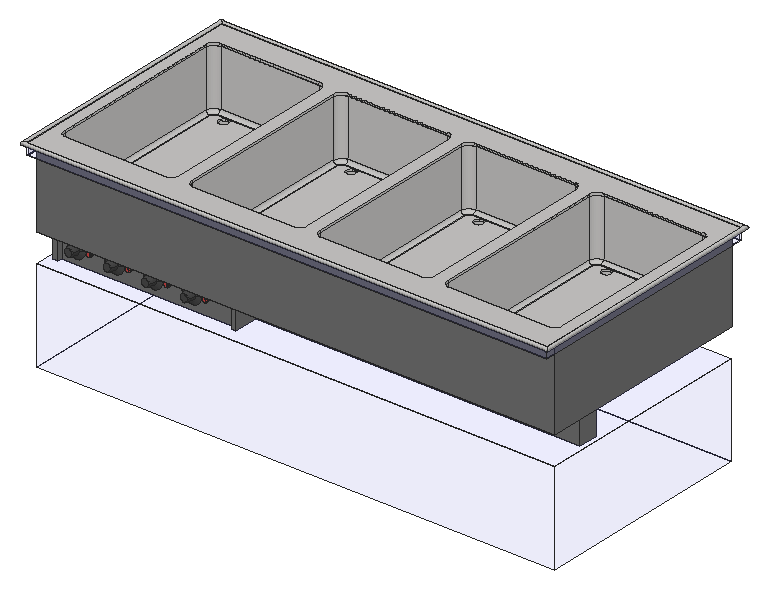
Revit family "QF_Vollrath_3640650_cat", category Specialty Equipment, Revit 2016
Family settings
  Part Type = Normal
  Round Connector Dimension = Use Diameter
  OmniClass Number = 23.40.40.14.14
  OmniClass Title = Food Preparation Equipment
  Work Plane-Based = No
  Always vertical = Yes
  Cut with Voids When Loaded = No
  Shared = No
  Room Calculation Point = No
Parameters (values of type "Requires Type Catalog QF_Vollrath_3640650_cat.txt")
  Width = 4' - 6 3/4"
  Weight in Pounds = 0
  Watts = 0 W
  Watermarked By = "http://revitwatermark.com"
  Waste Water Discharge Temperature [instance] = -459.67 °F
  Volts = 0 V
  URL Cutsheet = ""
  URL = "www.vollrathco.com"
  Status [instance] = ""
  Specification by User [instance] = ""
  Specification by Manufacturer [instance] = ""
  Serial Number [instance] = ""
  Seismic Rating [instance] = ""
  Revision Code [instance] = ""
  Remote Control Box [instance] = no
  Plumbing Remarks [instance] = ""
  Plumbing Connection Type [instance] = "MANIFOLD DRAIN"
  Phase = 1
  Number of Poles = 1
  NAFEM Spec ID Number [instance] = ""
  Mounted Control Box [instance] = not(Remote Control Box)  # yes
  Model = "-"
  Masterspec [instance] = ""
  Manufacturer = "Vollrath"
  Item Number [instance] = "-"
  Installed By [instance] = ""
  Indirect Waste Size = 1"
  Indirect Waste Flow [instance] = 0.00 GPM
  Indirect Waste Connection Type [instance] = ""
  Indirect Waste Connection Height [instance] = Height AFF - 1' 0 3/16"  # 1' - 11 13/16"
  Height AFF [instance] = 3' - 0"
  Furnished By [instance] = ""
  Foodservice Equipment Identifier [instance] = yes
  FL Amps = 0 A
  Electrical Remarks [instance] = ""
  Electric Connection Type [instance] = ""
  Elec Conn RI Height [instance] = 0' - 0"
  Elec Conn Connection Height [instance] = Height AFF - 0' 10"  # 2' - 2"
  Description = "Drop-In, Four Well Hot"
  Depth = 2' - 2"
  Cycle = 60 Hz
  Conn Plug = "-"
  CSI MasterFormat = "11 42 00"
  Auto Fill = no
  Assembly Code = "E1090320"
  Apparent Power = if(Phase = 3, Volts * FL Amps * 1.73, Volts * FL Amps)  # 0 VA
  AF Watts = 16 W
  AF Waste Water Discharge Temperature [instance] = -459.67 °F
  AF Volts = 120 V
  AF Plumbing Remarks [instance] = ""
  AF Plumbing Connection Type [instance] = ""
  AF Phase = 1
  AF Number of Poles [instance] = 1
  AF Item Number [instance] = "-"
  AF Indirect Waste Size = 3/8"
  AF Indirect Waste Flow [instance] = 0.00 GPM
  AF Indirect Waste Connection Type [instance] = ""
  AF Indirect Waste Connection Height [instance] = Height AFF - 0' 1 1/2"  # 2' - 10 1/2"
  AF FL Amps = 0.2 A
  AF Electrical Remarks [instance] = ""
  AF Electric Connection Type [instance] = ""
  AF Elec Conn RI Height [instance] = 0' - 0"
  AF Elec Conn Connection Height [instance] = Height AFF - 0' 5"  # 2' - 7"
  AF Cycle = 60 Hz
  AF Conn Plug = "NEMA 5-15R"
  AF Cold Water Temperature Recommended [instance] = -459.67 °F
  AF Cold Water Size = 3/8"
  AF Cold Water RI Height [instance] = 0' - 0"
  AF Cold Water Minimum Pressure [instance] = 0.00 psi
  AF Cold Water Maximum Pressure [instance] = 0.00 psi
  AF Cold Water Flow [instance] = 0.00 GPM
  AF Cold Water Consumption [instance] = ""
  AF Cold Water Connection Height [instance] = Height AFF - 0' 7"  # 2' - 5"
  AF Apparent Power = AF Volts * AF FL Amps  # 24 VA
Reference planes (in)
  plane 1 "BACK": y = 0
  plane 2: z = 0
  plane 3 "LEFT": x = -15.489587
  plane 4 "RIGHT": x = 39.260413
  plane 5 "FRONT": y = -26
  plane 6 "Table Top": z = 36
  plane 7 "TOP": z = 36.375
  plane 8: y = -3
  plane 9: y = -23
  plane 10: x = -13.989587
  plane 11: x = -1.989587
  plane 12 "Bottom of Well": z = 29.625
  plane 13 "Bottom of Well Cover": z = 27.5
  plane 14: y = -1.5
  plane 15: y = -24.5
  plane 16 "Left Lower": x = -14.989587
  plane 17: x = 38.760413
  plane 18 "Standard Drain": z = 23.75
  plane 19 "Drain FB": x = -11.989587
  plane 20 "Drain LR": y = -4
  plane 21: z = 24.5
  plane 22: z = 21.5
  plane 23 "Back of Panel": y = -20.5
  plane 24: y = -18.5
  plane 25: x = -14.489587
  plane 26: x = 38.197913
  plane 27 "Manifold Drain Top": z = 24.25
  plane 28 "Manifold Drain FB": x = 32.760413
  plane 29 "Front of Panel": y = -22.5
  plane 30: x = 4.510413
  plane 31: x = -0.739587
  plane 32: x = 11.260413
  plane 33: x = 1.260413
  plane 34: x = 12.510413
  plane 35: x = 24.510413
  plane 36: x = 14.510413
  plane 37: x = 25.760413
  plane 38: x = 37.760413
  plane 39: x = 27.760413
  plane 40: x = -18.927087
  plane 41: x = -17.489587
  plane 42 "Front of AF": y = -24.25
  plane 43 "Back of AF": y = -5.21875
  plane 44: y = -9.21875
  plane 45: z = 35
  plane 46: z = 27.90625
  plane 47: z = 32
  plane 48: z = 14.875
Forms (in)
  Sweep 1, solid, material "QF_Finishes_Stainless Steel"
    path origin (0, 0, 36) x (0, 1, 0) y (-1, 0, 0)
      loop
        line (0, 15.489587) -> (-26, 15.489587) -> (-26, -39.260413) -> (0, -39.260413) -> (0, 15.489587)
    profile origin (11.885413, 0, 36) x (0, 1, 0) y (0, 0, 1)
      loop
        line (-0.3712117, 0) -> (-0.1875, 0)
        arc (-0.1875, 0) -> (-0.0422631, 0.3060854) -> (-0.3712117, 0.225) r 0.1875
        line (-0.3712117, 0.225) -> (-0.3712117, 0)
  Extrusion 2, solid, material "QF_Finishes_Stainless Steel"
    sketch origin (0, 0, 36) x (0, 1, 0) y (-1, 0, 0)
      loop
        arc (-3, 13.114587) -> (-3.2562816, 13.7333055) -> (-3.875, 13.989587) r 0.875
        line (-3.875, 13.989587) -> (-22.125, 13.989587)
        arc (-22.125, 13.989587) -> (-22.7437184, 13.7333055) -> (-23, 13.114587) r 0.875
        line (-23, 13.114587) -> (-23, 2.864587)
        arc (-23, 2.864587) -> (-22.7437184, 2.2458686) -> (-22.125, 1.989587) r 0.875
        line (-22.125, 1.989587) -> (-3.875, 1.989587)
        arc (-3.875, 1.989587) -> (-3.2562816, 2.2458686) -> (-3, 2.864587) r 0.875
        line (-3, 2.864587) -> (-3, 13.114587)
      loop
        line (-0.3712117, 15.1183753) -> (-25.6287883, 15.1183753) -> (-25.6287883, -38.8892012) -> (-0.3712117, -38.8892012) -> (-0.3712117, 15.1183753)
      loop
        arc (-3, -0.135413) -> (-3.2562816, 0.4833055) -> (-3.875, 0.739587) r 0.875
        line (-3.875, 0.739587) -> (-22.125, 0.739587)
        arc (-22.125, 0.739587) -> (-22.7437184, 0.4833055) -> (-23, -0.135413) r 0.875
        line (-23, -0.135413) -> (-23, -10.385413)
        arc (-23, -10.385413) -> (-22.7437184, -11.0041314) -> (-22.125, -11.260413) r 0.875
        line (-22.125, -11.260413) -> (-3.875, -11.260413)
        arc (-3.875, -11.260413) -> (-3.2562816, -11.0041314) -> (-3, -10.385413) r 0.875
        line (-3, -10.385413) -> (-3, -0.135413)
      loop
        arc (-3, -13.385413) -> (-3.2562816, -12.7666945) -> (-3.875, -12.510413) r 0.875
        line (-3.875, -12.510413) -> (-22.125, -12.510413)
        arc (-22.125, -12.510413) -> (-22.7437184, -12.7666945) -> (-23, -13.385413) r 0.875
        line (-23, -13.385413) -> (-23, -23.635413)
        arc (-23, -23.635413) -> (-22.7437184, -24.2541314) -> (-22.125, -24.510413) r 0.875
        line (-22.125, -24.510413) -> (-3.875, -24.510413)
        arc (-3.875, -24.510413) -> (-3.2562816, -24.2541314) -> (-3, -23.635413) r 0.875
        line (-3, -23.635413) -> (-3, -13.385413)
      loop
        arc (-3, -26.635413) -> (-3.2562816, -26.0166945) -> (-3.875, -25.760413) r 0.875
        line (-3.875, -25.760413) -> (-22.125, -25.760413)
        arc (-22.125, -25.760413) -> (-22.7437184, -26.0166945) -> (-23, -26.635413) r 0.875
        line (-23, -26.635413) -> (-23, -36.885413)
        arc (-23, -36.885413) -> (-22.7437184, -37.5041314) -> (-22.125, -37.760413) r 0.875
        line (-22.125, -37.760413) -> (-3.875, -37.760413)
        arc (-3.875, -37.760413) -> (-3.2562816, -37.5041314) -> (-3, -36.885413) r 0.875
        line (-3, -36.885413) -> (-3, -26.635413)
    from 0 to 0.225
  Sweep 3, solid, material "QF_Finishes_Stainless Steel"
    path origin (0, 0, 36) x (0, 1, 0) y (-1, 0, 0)
      loop
        arc (-3, 13.114587) -> (-3.2562816, 13.7333055) -> (-3.875, 13.989587) r 0.875
        line (-3.875, 13.989587) -> (-22.125, 13.989587)
        arc (-22.125, 13.989587) -> (-22.7437184, 13.7333055) -> (-23, 13.114587) r 0.875
        line (-23, 13.114587) -> (-23, 2.864587)
        arc (-23, 2.864587) -> (-22.7437184, 2.2458686) -> (-22.125, 1.989587) r 0.875
        line (-22.125, 1.989587) -> (-3.875, 1.989587)
        arc (-3.875, 1.989587) -> (-3.2562816, 2.2458686) -> (-3, 2.864587) r 0.875
        line (-3, 2.864587) -> (-3, 13.114587)
    profile origin (-7.989587, -3, 36) x (0, 1, 0) y (0, 0, 1)
      loop
        line (0, 0) -> (0, -5.875)
        arc (0, -5.875) -> (-0.109835, -6.140165) -> (-0.375, -6.25) r 0.375
        line (-0.375, -6.25) -> (-0.375, -6.375)
        arc (-0.375, -6.375) -> (-0.0214466, -6.2285534) -> (0.125, -5.875) r 0.5
        line (0.125, -5.875) -> (0.125, 0) -> (0, 0)
  Extrusion 4, solid, material "QF_Finishes_Stainless Steel"
    sketch origin (0, 0, 29.625) x (0, 1, 0) y (-1, 0, 0)
      loop
        arc (-3.375, 13.114587) -> (-3.5214466, 13.4681404) -> (-3.875, 13.614587) r 0.5
        line (-3.875, 13.614587) -> (-22.125, 13.614587)
        arc (-22.125, 13.614587) -> (-22.4785534, 13.4681404) -> (-22.625, 13.114587) r 0.5
        line (-22.625, 13.114587) -> (-22.625, 2.864587)
        arc (-22.625, 2.864587) -> (-22.4785534, 2.5110336) -> (-22.125, 2.364587) r 0.5
        line (-22.125, 2.364587) -> (-3.875, 2.364587)
        arc (-3.875, 2.364587) -> (-3.5214466, 2.5110336) -> (-3.375, 2.864587) r 0.5
        line (-3.375, 2.864587) -> (-3.375, 13.114587)
      loop
        circle (-4, 11.989587) r 0.5
    from 0 to 0.125
  Extrusion 5, solid, material "QF_Finishes_Dark Grey"
    sketch origin (0, 0, 27.5) x (0, 1, 0) y (-1, 0, 0)
      loop
        line (-1.625, 14.864587) -> (-24.375, 14.864587) -> (-24.375, -38.635413) -> (-1.625, -38.635413) -> (-1.625, 14.864587)
      loop
        circle (-4, 11.989587) r 0.5
    from 0 to 0.125
  Extrusion 6, solid, material "QF_Finishes_Dark Grey"
    sketch origin (0, 0, 27.5) x (0, 1, 0) y (-1, 0, 0)
      loop
        line (-1.5, 14.989587) -> (-24.5, 14.989587) -> (-24.5, -38.760413) -> (-1.5, -38.760413) -> (-1.5, 14.989587)
      loop
        line (-1.625, 14.864587) -> (-24.375, 14.864587) -> (-24.375, -38.635413) -> (-1.625, -38.635413) -> (-1.625, 14.864587)
    from 0 to 8.5
  Extrusion 7, solid, material "QF_Finishes_Stainless Steel"
    sketch origin (0, 0, 27.5) x (0, 1, 0) y (-1, 0, 0)
      loop
        circle (-4, 11.989587) r 0.5
      loop
        circle (-4, 11.989587) r 0.625
    from 0.125 to 2.125
  Extrusion 8, solid, material "QF_Finishes_Dark Grey"
    sketch origin (-15.489587, 0, 0) x (0, 1, 0) y (0, 0, 1)
      loop
        line (-18.5, 27.5) -> (-20.5, 27.5) -> (-20.5, 24.5) -> (-18.5, 24.5) -> (-18.5, 27.5)
    from 1 to 53.6875
  Revolve 9, solid, material "QF_Finishes_Dark Grey"
    sketch origin (-11.989587, 20.72608, 48) x (0, 1, 0) y (0, 0, 1)
      loop
        line (-24.10108, -23.75) -> (-24.10108, -21.75) -> (-23.97608, -21.75) -> (-23.97608, -21.25) -> (-24.10108, -21.25) -> (-24.10108, -20.5) -> (-24.22608, -20.5) -> (-24.22608, -21.375) -> (-24.10108, -21.375) -> (-24.10108, -21.625) -> (-24.22608, -21.625) -> (-24.22608, -23.75) -> (-24.10108, -23.75)
      axis (-24.72608, -23.75) -> (-24.72608, -20.5)
    angle from 0 to 360
  Sweep 10, solid, material "QF_Finishes_Dark Grey"
    path origin (0, -4, 0) x (-1, 0, 0) y (0, 0, 1)
      loop
        line (-31.260413, 24.25) -> (13.552087, 24.25)
    profile origin (8.854163, -4, 24.25) x (0, 0, 1) y (0, 1, 0)
      loop
        circle (0, 0) r 0.5
      loop
        circle (0, 0) r 0.625
  Extrusion 11, solid, material "QF_Finishes_Dark Grey"
    sketch origin (-11.989587, 0, 0) x (0, 1, 0) y (0, 0, 1)
      loop
        circle (-4, 24.25) r 0.5
    from -1.5625 to -1.4375
  Revolve 12, solid, material "QF_Finishes_Dark Grey"
    sketch origin (32.760413, 0, 0) x (0, 1, 0) y (0, 0, 1)
      loop
        line (-5.5, 24.7712902) -> (-5.5, 25.2712902) -> (-6, 25.2712902) -> (-6, 24.8962902) -> (-6.75, 24.8962902) -> (-6.75, 25.2712902) -> (-7.25, 25.2712902) -> (-7.25, 25.1462902) -> (-8.75, 25.1462902) -> (-8.75, 25.2712902) -> (-9.25, 25.2712902) -> (-9.25, 25.1462902) -> (-8.875, 25.1462902) -> (-8.875, 25.0212902) -> (-7.125, 25.0212902) -> (-7.125, 25.1462902) -> (-6.875, 25.1462902) -> (-6.875, 24.7712902) -> (-5.875, 24.7712902) -> (-5.875, 25.1462902) -> (-5.625, 25.1462902) -> (-5.625, 24.7712902) -> (-5.5, 24.7712902)
      axis (-9.25, 24.25) -> (-5.5, 24.25)
    angle from 0 to 360
  Extrusion 13, solid, material "QF_Finishes_Dark Grey", visible <- "Mounted Control Box"
    sketch origin (0, 0, 27.5) x (0, 1, 0) y (-1, 0, 0)
      loop
        line (-20.5, 14.489587) -> (-23, 14.489587) -> (-23, 13.989587) -> (-22.5, 13.989587) -> (-22.5, -4.010413) -> (-23, -4.010413) -> (-23, -4.510413) -> (-20.5, -4.510413) -> (-20.5, 14.489587)
    from 0 to -3
  Blend 14, solid, material "QF_Finishes_Black", visible <- "Mounted Control Box"
    base sketch origin (0, -22.5, 0) x (-1, 0, 0) y (0, 0, 1)
      loop
        circle (12.489587, 26) r 1
    top sketch origin (0, -22.5, 0) x (-1, 0, 0) y (0, 0, 1)
      loop
        circle (12.489587, 26) r 0.5
    from 0 to -0.25
  Blend 15, solid, material "QF_Finishes_Black", visible <- "Mounted Control Box"
    base sketch origin (0, -22.5, 0) x (-1, 0, 0) y (0, 0, 1)
      loop
        circle (12.489587, 26) r 0.5
    top sketch origin (0, -22.5, 0) x (-1, 0, 0) y (0, 0, 1)
      loop
        circle (12.489587, 26) r 0.375
    from -0.25 to -1
  Extrusion 16, solid, material "QF_Finishes_Black", visible <- "Mounted Control Box"
    sketch origin (0, -22.5, 0) x (-1, 0, 0) y (0, 0, 1)
      loop
        circle (10.989587, 26) r 0.25
    from 0 to -0.125
  Extrusion 17, solid, material "QF_Finishes_Red", visible <- "Mounted Control Box"
    sketch origin (0, -22.5, 0) x (-1, 0, 0) y (0, 0, 1)
      loop
        circle (10.989587, 26) r 0.1875
    from -0.125 to -0.25
  Blend 18, solid, material "QF_Finishes_Black", visible <- "Mounted Control Box"
    base sketch origin (4, -22.5, 0) x (-1, 0, 0) y (0, 0, 1)
      loop
        circle (12.489587, 26) r 1
    top sketch origin (4, -22.5, 0) x (-1, 0, 0) y (0, 0, 1)
      loop
        circle (12.489587, 26) r 0.5
    from 0 to -0.25
  Blend 19, solid, material "QF_Finishes_Black", visible <- "Mounted Control Box"
    base sketch origin (4, -22.5, 0) x (-1, 0, 0) y (0, 0, 1)
      loop
        circle (12.489587, 26) r 0.5
    top sketch origin (4, -22.5, 0) x (-1, 0, 0) y (0, 0, 1)
      loop
        circle (12.489587, 26) r 0.375
    from -0.25 to -1
  Extrusion 20, solid, material "QF_Finishes_Black", visible <- "Mounted Control Box"
    sketch origin (0, -22.5, 0) x (-1, 0, 0) y (0, 0, 1)
      loop
        circle (6.989587, 26) r 0.25
    from 0 to -0.125
  Extrusion 21, solid, material "QF_Finishes_Red", visible <- "Mounted Control Box"
    sketch origin (0, -22.5, 0) x (-1, 0, 0) y (0, 0, 1)
      loop
        circle (6.989587, 26) r 0.1875
    from -0.125 to -0.25
  Extrusion 22, solid, material "QF_Finishes_Stainless Steel"
    sketch origin (13.25, 0, 27.5) x (0, 1, 0) y (-1, 0, 0)
      loop
        circle (-4, 11.989587) r 0.5
      loop
        circle (-4, 11.989587) r 0.625
    from 0.125 to 2.125
  Revolve 23, solid, material "QF_Finishes_Dark Grey"
    sketch origin (1.260413, 20.72608, 48) x (0, 1, 0) y (0, 0, 1)
      loop
        line (-24.10108, -23.75) -> (-24.10108, -21.75) -> (-23.97608, -21.75) -> (-23.97608, -21.25) -> (-24.10108, -21.25) -> (-24.10108, -20.5) -> (-24.22608, -20.5) -> (-24.22608, -21.375) -> (-24.10108, -21.375) -> (-24.10108, -21.625) -> (-24.22608, -21.625) -> (-24.22608, -23.75) -> (-24.10108, -23.75)
      axis (-24.72608, -23.75) -> (-24.72608, -20.5)
    angle from 0 to 360
  Sweep 24, solid, material "QF_Finishes_Stainless Steel"
    path origin (13.25, 0, 36) x (0, 1, 0) y (-1, 0, 0)
      loop
        arc (-3, 13.114587) -> (-3.2562816, 13.7333055) -> (-3.875, 13.989587) r 0.875
        line (-3.875, 13.989587) -> (-22.125, 13.989587)
        arc (-22.125, 13.989587) -> (-22.7437184, 13.7333055) -> (-23, 13.114587) r 0.875
        line (-23, 13.114587) -> (-23, 2.864587)
        arc (-23, 2.864587) -> (-22.7437184, 2.2458686) -> (-22.125, 1.989587) r 0.875
        line (-22.125, 1.989587) -> (-3.875, 1.989587)
        arc (-3.875, 1.989587) -> (-3.2562816, 2.2458686) -> (-3, 2.864587) r 0.875
        line (-3, 2.864587) -> (-3, 13.114587)
    profile origin (5.260413, -3, 36) x (0, 1, 0) y (0, 0, 1)
      loop
        line (0, 0) -> (0, -5.875)
        arc (0, -5.875) -> (-0.109835, -6.140165) -> (-0.375, -6.25) r 0.375
        line (-0.375, -6.25) -> (-0.375, -6.375)
        arc (-0.375, -6.375) -> (-0.0214466, -6.2285534) -> (0.125, -5.875) r 0.5
        line (0.125, -5.875) -> (0.125, 0) -> (0, 0)
  Extrusion 25, solid, material "QF_Finishes_Stainless Steel"
    sketch origin (13.25, 0, 29.625) x (0, 1, 0) y (-1, 0, 0)
      loop
        arc (-3.375, 13.114587) -> (-3.5214466, 13.4681404) -> (-3.875, 13.614587) r 0.5
        line (-3.875, 13.614587) -> (-22.125, 13.614587)
        arc (-22.125, 13.614587) -> (-22.4785534, 13.4681404) -> (-22.625, 13.114587) r 0.5
        line (-22.625, 13.114587) -> (-22.625, 2.864587)
        arc (-22.625, 2.864587) -> (-22.4785534, 2.5110336) -> (-22.125, 2.364587) r 0.5
        line (-22.125, 2.364587) -> (-3.875, 2.364587)
        arc (-3.875, 2.364587) -> (-3.5214466, 2.5110336) -> (-3.375, 2.864587) r 0.5
        line (-3.375, 2.864587) -> (-3.375, 13.114587)
      loop
        circle (-4, 11.989587) r 0.5
    from 0 to 0.125
  Blend 26, solid, material "QF_Finishes_Black", visible <- "Mounted Control Box"
    base sketch origin (8, -22.5, 0) x (-1, 0, 0) y (0, 0, 1)
      loop
        circle (12.489587, 26) r 1
    top sketch origin (8, -22.5, 0) x (-1, 0, 0) y (0, 0, 1)
      loop
        circle (12.489587, 26) r 0.5
    from 0 to -0.25
  Blend 27, solid, material "QF_Finishes_Black", visible <- "Mounted Control Box"
    base sketch origin (8, -22.5, 0) x (-1, 0, 0) y (0, 0, 1)
      loop
        circle (12.489587, 26) r 0.5
    top sketch origin (8, -22.5, 0) x (-1, 0, 0) y (0, 0, 1)
      loop
        circle (12.489587, 26) r 0.375
    from -0.25 to -1
  Extrusion 28, solid, material "QF_Finishes_Black", visible <- "Mounted Control Box"
    sketch origin (4, -22.5, 0) x (-1, 0, 0) y (0, 0, 1)
      loop
        circle (6.989587, 26) r 0.25
    from 0 to -0.125
  Extrusion 29, solid, material "QF_Finishes_Red", visible <- "Mounted Control Box"
    sketch origin (4, -22.5, 0) x (-1, 0, 0) y (0, 0, 1)
      loop
        circle (6.989587, 26) r 0.1875
    from -0.125 to -0.25
  Sweep 30, solid, material "QF_Finishes_Stainless Steel"
    path origin (26.5, 0, 36) x (0, 1, 0) y (-1, 0, 0)
      loop
        arc (-3, 13.114587) -> (-3.2562816, 13.7333055) -> (-3.875, 13.989587) r 0.875
        line (-3.875, 13.989587) -> (-22.125, 13.989587)
        arc (-22.125, 13.989587) -> (-22.7437184, 13.7333055) -> (-23, 13.114587) r 0.875
        line (-23, 13.114587) -> (-23, 2.864587)
        arc (-23, 2.864587) -> (-22.7437184, 2.2458686) -> (-22.125, 1.989587) r 0.875
        line (-22.125, 1.989587) -> (-3.875, 1.989587)
        arc (-3.875, 1.989587) -> (-3.2562816, 2.2458686) -> (-3, 2.864587) r 0.875
        line (-3, 2.864587) -> (-3, 13.114587)
    profile origin (18.510413, -3, 36) x (0, 1, 0) y (0, 0, 1)
      loop
        line (0, 0) -> (0, -5.875)
        arc (0, -5.875) -> (-0.109835, -6.140165) -> (-0.375, -6.25) r 0.375
        line (-0.375, -6.25) -> (-0.375, -6.375)
        arc (-0.375, -6.375) -> (-0.0214466, -6.2285534) -> (0.125, -5.875) r 0.5
        line (0.125, -5.875) -> (0.125, 0) -> (0, 0)
  Extrusion 31, solid, material "QF_Finishes_Stainless Steel"
    sketch origin (26.5, 0, 29.625) x (0, 1, 0) y (-1, 0, 0)
      loop
        arc (-3.375, 13.114587) -> (-3.5214466, 13.4681404) -> (-3.875, 13.614587) r 0.5
        line (-3.875, 13.614587) -> (-22.125, 13.614587)
        arc (-22.125, 13.614587) -> (-22.4785534, 13.4681404) -> (-22.625, 13.114587) r 0.5
        line (-22.625, 13.114587) -> (-22.625, 2.864587)
        arc (-22.625, 2.864587) -> (-22.4785534, 2.5110336) -> (-22.125, 2.364587) r 0.5
        line (-22.125, 2.364587) -> (-3.875, 2.364587)
        arc (-3.875, 2.364587) -> (-3.5214466, 2.5110336) -> (-3.375, 2.864587) r 0.5
        line (-3.375, 2.864587) -> (-3.375, 13.114587)
      loop
        circle (-4, 11.989587) r 0.5
    from 0 to 0.125
  Extrusion 32, solid, material "QF_Finishes_Stainless Steel"
    sketch origin (26.5, 0, 27.5) x (0, 1, 0) y (-1, 0, 0)
      loop
        circle (-4, 11.989587) r 0.5
      loop
        circle (-4, 11.989587) r 0.625
    from 0.125 to 2.125
  Revolve 33, solid, material "QF_Finishes_Dark Grey"
    sketch origin (14.510413, 20.72608, 48) x (0, 1, 0) y (0, 0, 1)
      loop
        line (-24.10108, -23.75) -> (-24.10108, -21.75) -> (-23.97608, -21.75) -> (-23.97608, -21.25) -> (-24.10108, -21.25) -> (-24.10108, -20.5) -> (-24.22608, -20.5) -> (-24.22608, -21.375) -> (-24.10108, -21.375) -> (-24.10108, -21.625) -> (-24.22608, -21.625) -> (-24.22608, -23.75) -> (-24.10108, -23.75)
      axis (-24.72608, -23.75) -> (-24.72608, -20.5)
    angle from 0 to 360
  Sweep 34, solid, material "QF_Finishes_Dark Grey"
    path origin (0, 0, 24.25) x (0, 1, 0) y (-1, 0, 0)
      loop
        line (-4, -31.260413) -> (-4, -31.760413)
        arc (-4, -31.760413) -> (-4.2928932, -32.4675198) -> (-5, -32.760413) r 1
        line (-5, -32.760413) -> (-5.5, -32.760413)
    profile origin (31.510413, -4, 24.25) x (0, 1, 0) y (0, 0, 1)
      loop
        circle (0, 0) r 0.5
      loop
        circle (0, 0) r 0.6462902
  Blend 35, solid, material "QF_Finishes_Black", visible <- "Mounted Control Box"
    base sketch origin (12, -22.5, 0) x (-1, 0, 0) y (0, 0, 1)
      loop
        circle (12.489587, 26) r 1
    top sketch origin (12, -22.5, 0) x (-1, 0, 0) y (0, 0, 1)
      loop
        circle (12.489587, 26) r 0.5
    from 0 to -0.25
  Blend 36, solid, material "QF_Finishes_Black", visible <- "Mounted Control Box"
    base sketch origin (12, -22.5, 0) x (-1, 0, 0) y (0, 0, 1)
      loop
        circle (12.489587, 26) r 0.5
    top sketch origin (12, -22.5, 0) x (-1, 0, 0) y (0, 0, 1)
      loop
        circle (12.489587, 26) r 0.375
    from -0.25 to -1
  Extrusion 37, solid, material "QF_Finishes_Black", visible <- "Mounted Control Box"
    sketch origin (8, -22.5, 0) x (-1, 0, 0) y (0, 0, 1)
      loop
        circle (6.989587, 26) r 0.25
    from 0 to -0.125
  Extrusion 38, solid, material "QF_Finishes_Red", visible <- "Mounted Control Box"
    sketch origin (8, -22.5, 0) x (-1, 0, 0) y (0, 0, 1)
      loop
        circle (6.989587, 26) r 0.1875
    from -0.125 to -0.25
  Sweep 39, solid, material "QF_Finishes_Stainless Steel"
    path origin (39.75, 0, 36) x (0, 1, 0) y (-1, 0, 0)
      loop
        arc (-3, 13.114587) -> (-3.2562816, 13.7333055) -> (-3.875, 13.989587) r 0.875
        line (-3.875, 13.989587) -> (-22.125, 13.989587)
        arc (-22.125, 13.989587) -> (-22.7437184, 13.7333055) -> (-23, 13.114587) r 0.875
        line (-23, 13.114587) -> (-23, 2.864587)
        arc (-23, 2.864587) -> (-22.7437184, 2.2458686) -> (-22.125, 1.989587) r 0.875
        line (-22.125, 1.989587) -> (-3.875, 1.989587)
        arc (-3.875, 1.989587) -> (-3.2562816, 2.2458686) -> (-3, 2.864587) r 0.875
        line (-3, 2.864587) -> (-3, 13.114587)
    profile origin (31.760413, -3, 36) x (0, 1, 0) y (0, 0, 1)
      loop
        line (0, 0) -> (0, -5.875)
        arc (0, -5.875) -> (-0.109835, -6.140165) -> (-0.375, -6.25) r 0.375
        line (-0.375, -6.25) -> (-0.375, -6.375)
        arc (-0.375, -6.375) -> (-0.0214466, -6.2285534) -> (0.125, -5.875) r 0.5
        line (0.125, -5.875) -> (0.125, 0) -> (0, 0)
  Extrusion 40, solid, material "QF_Finishes_Stainless Steel"
    sketch origin (39.75, 0, 29.625) x (0, 1, 0) y (-1, 0, 0)
      loop
        arc (-3.375, 13.114587) -> (-3.5214466, 13.4681404) -> (-3.875, 13.614587) r 0.5
        line (-3.875, 13.614587) -> (-22.125, 13.614587)
        arc (-22.125, 13.614587) -> (-22.4785534, 13.4681404) -> (-22.625, 13.114587) r 0.5
        line (-22.625, 13.114587) -> (-22.625, 2.864587)
        arc (-22.625, 2.864587) -> (-22.4785534, 2.5110336) -> (-22.125, 2.364587) r 0.5
        line (-22.125, 2.364587) -> (-3.875, 2.364587)
        arc (-3.875, 2.364587) -> (-3.5214466, 2.5110336) -> (-3.375, 2.864587) r 0.5
        line (-3.375, 2.864587) -> (-3.375, 13.114587)
      loop
        circle (-4, 11.989587) r 0.5
    from 0 to 0.125
  Extrusion 41, solid, material "QF_Finishes_Stainless Steel"
    sketch origin (39.75, 0, 27.5) x (0, 1, 0) y (-1, 0, 0)
      loop
        circle (-4, 11.989587) r 0.5
      loop
        circle (-4, 11.989587) r 0.625
    from 0.125 to 2.125
  Revolve 42, solid, material "QF_Finishes_Dark Grey"
    sketch origin (27.760413, 20.72608, 48) x (0, 1, 0) y (0, 0, 1)
      loop
        line (-24.10108, -23.75) -> (-24.10108, -21.75) -> (-23.97608, -21.75) -> (-23.97608, -21.25) -> (-24.10108, -21.25) -> (-24.10108, -20.5) -> (-24.22608, -20.5) -> (-24.22608, -21.375) -> (-24.10108, -21.375) -> (-24.10108, -21.625) -> (-24.22608, -21.625) -> (-24.22608, -23.75) -> (-24.10108, -23.75)
      axis (-24.72608, -23.75) -> (-24.72608, -20.5)
    angle from 0 to 360
  Extrusion 43, solid, material "QF_Finishes_Stainless Steel", visible <- "Auto Fill"
    sketch origin (-14.989587, 0, 0) x (0, 1, 0) y (0, 0, 1)
      loop
        line (-24.25, 35) -> (-24.25, 32) -> (-9.21875, 32) -> (-9.21875, 35) -> (-24.25, 35)
    from 0 to -3.9375
  Extrusion 44, solid, material "QF_Finishes_Stainless Steel", visible <- "Auto Fill"
    sketch origin (-14.989587, 0, 0) x (0, 1, 0) y (0, 0, 1)
      loop
        line (-9.21875, 27.90625) -> (-5.21875, 27.90625) -> (-5.21875, 32) -> (-9.21875, 32) -> (-9.21875, 27.90625)
    from 0 to -2.5
  Extrusion 45, solid, material "QF_Finishes_Stainless Steel", visible <- "Auto Fill"
    sketch origin (0, -24.25, 0) x (-1, 0, 0) y (0, 0, 1)
      loop
        circle (16.958337, 34.5) r 0.1875
    from 0 to -0.0625
  Extrusion 46, solid, material "QF_Finishes_Stainless Steel", visible <- "Auto Fill"
    sketch origin (0, -5.21875, 0) x (-1, 0, 0) y (0, 0, 1)
      loop
        circle (16.239587, 30.96875) r 0.1875
      loop
        circle (16.239587, 28.9375) r 0.1875
    from 0 to 0.0625
  Extrusion 47, solid, material "QF_Finishes_Clearances"
    sketch origin (0, 0, 36) x (0, 1, 0) y (-1, 0, 0)
      loop
        line (-0.5, -38.760413) -> (-0.5, 14.989587) -> (-25.5, 14.989587) -> (-25.5, -38.760413) -> (-0.5, -38.760413)
      loop
        line (-0.375, -38.885413) -> (-0.375, 15.114587) -> (-25.625, 15.114587) -> (-25.625, -38.885413) -> (-0.375, -38.885413)
    from 0 to -1
  Extrusion 48, solid, material "QF_Finishes_Clearances", detail levels medium+fine
    sketch origin (-14.989587, 0, 0) x (0, 1, 0) y (0, 0, 1)
      loop
        line (-1.5, 14.875) -> (-1.5, 24.5) -> (-24.5, 24.5) -> (-24.5, 14.875) -> (-1.5, 14.875)
    from 0 to 53.75
Lines and regions (in)
  symbolic lines
    curve 1: line (-15.489587, 0, 27.5) -> (39.260413, 0, 27.5)
    curve 2: line (-15.489587, -26, 27.5) -> (-15.489587, 0, 27.5)
    curve 3: line (39.260413, -26, 27.5) -> (-15.489587, -26, 27.5)
    curve 4: line (39.260413, 0, 27.5) -> (39.260413, -26, 27.5)
    curve 5: line (-13.114587, -3, 27.5) -> (-2.864587, -3, 27.5)
    curve 6: line (-13.989587, -22.125, 27.5) -> (-13.989587, -3.875, 27.5)
    curve 7: line (-2.864587, -23, 27.5) -> (-13.114587, -23, 27.5)
    curve 8: line (-1.989587, -3.875, 27.5) -> (-1.989587, -22.125, 27.5)
    curve 9: arc (-13.114587, -23, 27.5) -> (-13.7333055, -22.7437184, 27.5) -> (-13.989587, -22.125, 27.5) r 0.875
    curve 10: arc (-2.864587, -23, 27.5) -> (-2.2458686, -22.7437184, 27.5) -> (-1.989587, -22.125, 27.5) r 0.875
    curve 11: arc (-13.989587, -3.875, 27.5) -> (-13.7333055, -3.2562816, 27.5) -> (-13.114587, -3, 27.5) r 0.875
    curve 12: arc (-2.864587, -3, 27.5) -> (-2.2458686, -3.2562816, 27.5) -> (-1.989587, -3.875, 27.5) r 0.875
    curve 13: line (0.135413, -3, 27.5) -> (10.385413, -3, 27.5)
    curve 14: line (-0.739587, -22.125, 27.5) -> (-0.739587, -3.875, 27.5)
    curve 15: line (10.385413, -23, 27.5) -> (0.135413, -23, 27.5)
    curve 16: line (11.260413, -3.875, 27.5) -> (11.260413, -22.125, 27.5)
    curve 17: arc (0.135413, -23, 27.5) -> (-0.4833055, -22.7437184, 27.5) -> (-0.739587, -22.125, 27.5) r 0.875
    curve 18: arc (10.385413, -23, 27.5) -> (11.0041314, -22.7437184, 27.5) -> (11.260413, -22.125, 27.5) r 0.875
    curve 19: arc (-0.739587, -3.875, 27.5) -> (-0.4833055, -3.2562816, 27.5) -> (0.135413, -3, 27.5) r 0.875
    curve 20: arc (10.385413, -3, 27.5) -> (11.0041314, -3.2562816, 27.5) -> (11.260413, -3.875, 27.5) r 0.875
    curve 21: line (13.385413, -3, 27.5) -> (23.635413, -3, 27.5)
    curve 22: line (12.510413, -22.125, 27.5) -> (12.510413, -3.875, 27.5)
    curve 23: line (23.635413, -23, 27.5) -> (13.385413, -23, 27.5)
    curve 24: line (24.510413, -3.875, 27.5) -> (24.510413, -22.125, 27.5)
    curve 25: arc (13.385413, -23, 27.5) -> (12.7666945, -22.7437184, 27.5) -> (12.510413, -22.125, 27.5) r 0.875
    curve 26: arc (23.635413, -23, 27.5) -> (24.2541314, -22.7437184, 27.5) -> (24.510413, -22.125, 27.5) r 0.875
    curve 27: arc (12.510413, -3.875, 27.5) -> (12.7666945, -3.2562816, 27.5) -> (13.385413, -3, 27.5) r 0.875
    curve 28: arc (23.635413, -3, 27.5) -> (24.2541314, -3.2562816, 27.5) -> (24.510413, -3.875, 27.5) r 0.875
    curve 29: line (26.635413, -3, 27.5) -> (36.885413, -3, 27.5)
    curve 30: line (25.760413, -22.125, 27.5) -> (25.760413, -3.875, 27.5)
    curve 31: line (36.885413, -23, 27.5) -> (26.635413, -23, 27.5)
    curve 32: line (37.760413, -3.875, 27.5) -> (37.760413, -22.125, 27.5)
    curve 33: arc (26.635413, -23, 27.5) -> (26.0166945, -22.7437184, 27.5) -> (25.760413, -22.125, 27.5) r 0.875
    curve 34: arc (36.885413, -23, 27.5) -> (37.5041314, -22.7437184, 27.5) -> (37.760413, -22.125, 27.5) r 0.875
    curve 35: arc (25.760413, -3.875, 27.5) -> (26.0166945, -3.2562816, 27.5) -> (26.635413, -3, 27.5) r 0.875
    curve 36: arc (36.885413, -3, 27.5) -> (37.5041314, -3.2562816, 27.5) -> (37.760413, -3.875, 27.5) r 0.875
  symbolic lines, style "QF_Surface Details", visible <- "Auto Fill"
    curve 37: line (-17.489587, -5.21875, 27.5) -> (-17.489587, -9.21875, 27.5)
    curve 38: line (-15.489587, -9.21875, 27.5) -> (-18.927087, -9.21875, 27.5)
    curve 39: line (-18.927087, -9.21875, 27.5) -> (-18.927087, -24.25, 27.5)
    curve 40: line (-18.927087, -24.25, 27.5) -> (-15.489587, -24.25, 27.5)
    curve 41: line (-15.489587, -5.21875, 27.5) -> (-17.489587, -5.21875, 27.5)
  model lines, style "QF_Cutout"
    curve 42: line (-15.114587, -25.625, 36.375) -> (-15.114587, -25.625, 42.375)
    curve 43: line (38.8892012, -25.625, 36.375) -> (38.8892012, -25.625, 42.375)
    curve 44: line (-15.114587, -0.375, 36.375) -> (-15.114587, -0.375, 42.375)
    curve 45: line (38.8892012, -0.375, 36.375) -> (38.8892012, -0.375, 42.375)
Dimensions and locks (in)
  "Width": plane 3 "LEFT" to plane 4 "RIGHT"
  "Depth": plane 5 "FRONT" to plane 1 "BACK"
  "Height AFF": plane 6 "Table Top" to level
  locked: plane 7 "TOP" to plane 6 "Table Top" at 0.375
  locked: plane 1 "BACK" to plane 8 at 3
  locked: plane 9 to plane 5 "FRONT" at 3
  locked: plane 3 "LEFT" to plane 10 at 1.5
  locked: profile plane to Sweep 1 sketch curve at 0.3712117
  locked: plane 6 "Table Top" to plane 12 "Bottom of Well" at 6.375
  locked: plane 6 "Table Top" to plane 13 "Bottom of Well Cover" at 8.5
  locked: plane 1 "BACK" to plane 14 at 1.5
  locked: plane 15 to plane 5 "FRONT" at 1.5
  locked: plane 3 "LEFT" to plane 16 "Left Lower" at 0.5
  locked: plane 17 to plane 4 "RIGHT" at 0.5
  locked: plane 13 "Bottom of Well Cover" to plane 18 "Standard Drain" at 3.75
  locked: plane 1 "BACK" to plane 20 "Drain LR" at 4
  locked: plane 13 "Bottom of Well Cover" to plane 21 at 3
  locked: plane 21 to plane 22 at 3
  locked: plane 24 to plane 23 "Back of Panel" at 2
  locked: plane 23 "Back of Panel" to plane 5 "FRONT" at 5.5
  locked: plane 16 "Left Lower" to plane 25 at 0.5
  locked: plane 26 to plane 17 at 0.5625
  locked: plane 13 "Bottom of Well Cover" to plane 27 "Manifold Drain Top" at 3.25
  plane 23 "Back of Panel" to plane 29 "Front of Panel" = 0' - 2"
  locked: plane 25 to plane 30 at 19
  locked: plane 25 to Extrusion 13 sketch curve at 0.5
  locked: Extrusion 13 sketch curve to plane 30 at 0.5
  locked: plane 10 to plane 19 "Drain FB" at 2
  locked: plane 28 "Manifold Drain FB" to plane 4 "RIGHT" at 6.5
  locked: plane 10 to plane 11 at 12
  locked: plane 11 to plane 31 at 1.25
  locked: plane 31 to plane 32 at 12
  locked: plane 31 to plane 33 at 2
  locked: plane 34 to plane 35 at 12
  locked: plane 34 to plane 36 at 2
  locked: plane 32 to plane 34 at 1.25
  locked: plane 37 to plane 38 at 12
  locked: plane 37 to plane 39 at 2
  locked: plane 35 to plane 37 at 1.25
  locked: plane 40 to plane 16 "Left Lower" at 3.9375
  locked: plane 41 to plane 16 "Left Lower" at 2.5
  locked: plane 43 "Back of AF" to plane 42 "Front of AF" at 19.03125
  locked: plane 43 "Back of AF" to plane 44 at 4
  locked: plane 42 "Front of AF" to plane 15 at 0.25
  locked: plane 6 "Table Top" to plane 45 at 1
  locked: plane 45 to plane 46 at 7.09375
  locked: plane 45 to plane 47 at 3
  locked: plane 45 to Extrusion 45 sketch curve at 0.5
  locked: plane 47 to Extrusion 46 sketch curve at 1.03125
  locked: Extrusion 46 sketch curve to plane 46 at 1.03125
  locked: plane 3 "LEFT" to Extrusion 47 sketch curve at 0.375
  locked: Extrusion 47 sketch curve to Extrusion 47 sketch curve at 0.125  (x4)
  locked: Extrusion 47 sketch curve to plane 1 "BACK" at 0.375
  locked: plane 5 "FRONT" to Extrusion 47 sketch curve at 0.375
  locked: Extrusion 47 sketch curve to plane 4 "RIGHT" at 0.375
  plane 7 "TOP" to plane 48 = 1' - 9 1/2"
  aligned and locked: level to plane 2
  aligned and locked: Sweep 1 sketch curve to profile plane
  aligned and locked: plane 1 "BACK" to Sweep 1 sketch curve
  aligned and locked: plane 3 "LEFT" to Sweep 1 sketch curve
  aligned and locked: Sweep 1 sketch curve to plane 5 "FRONT"
  aligned and locked: Sweep 1 sketch curve to plane 4 "RIGHT"
  aligned and locked: Extrusion 2 sketch curve to plane 8
  aligned and locked: plane 10 to Extrusion 2 sketch curve
  aligned and locked: plane 9 to Extrusion 2 sketch curve
  aligned and locked: plane 11 to Extrusion 2 sketch curve
  aligned and locked: Sweep 1 to Extrusion 2 sketch curve  (x4)
  aligned: Extrusion 2 to Sweep 1
  aligned and locked: Sweep 3 sketch curve to plane 8
  aligned and locked: plane 10 to Sweep 3 sketch curve
  aligned and locked: plane 9 to Sweep 3 sketch curve
  aligned and locked: plane 11 to Sweep 3 sketch curve
  aligned and locked: plane 8 to Sweep 3 sketch curve
  aligned and locked: Sweep 3 sketch curve to plane 6 "Table Top"
  aligned and locked: Extrusion 4 sketch curve to Sweep 3  (x2)
  aligned and locked: Sweep 3 to Extrusion 4 sketch curve  (x2)
  aligned and locked: Extrusion 4 to Sweep 3
  aligned and locked: Extrusion 5 sketch curve to Extrusion 4  (x2)
  aligned and locked: plane 16 "Left Lower" to Extrusion 6 sketch curve
  aligned and locked: Extrusion 6 sketch curve to plane 14
  aligned and locked: Extrusion 6 sketch curve to plane 17
  aligned and locked: plane 15 to Extrusion 6 sketch curve
  aligned and locked: plane 6 "Table Top" to Extrusion 6
  aligned and locked: Extrusion 5 sketch curve to Extrusion 6  (x4)
  aligned and locked: Extrusion 7 sketch curve to Extrusion 4  (x2)
  aligned and locked: plane 12 "Bottom of Well" to Extrusion 7
  aligned and locked: Extrusion 8 sketch curve to plane 13 "Bottom of Well Cover"
  aligned and locked: plane 23 "Back of Panel" to Extrusion 8 sketch curve
  aligned and locked: Extrusion 8 sketch curve to plane 24
  aligned and locked: plane 21 to Extrusion 8 sketch curve
  aligned and locked: Extrusion 8 to plane 25
  aligned and locked: plane 26 to Extrusion 8
  aligned and locked: Revolve 9 sketch curve to plane 27 "Manifold Drain Top"
  aligned and locked: plane 13 "Bottom of Well Cover" to Revolve 9 sketch curve
  aligned and locked: Extrusion 13 sketch curve to plane 23 "Back of Panel"
  aligned and locked: Extrusion 13 sketch curve to plane 30
  aligned and locked: Extrusion 13 sketch curve to plane 25
  aligned and locked: plane 29 "Front of Panel" to Extrusion 13 sketch curve
  aligned and locked: Extrusion 13 to plane 21
  aligned and locked: Blend 15 sketch curve to Blend 14  (x2)
  aligned and locked: plane 1 "BACK" to curve 1
  aligned and locked: plane 3 "LEFT" to curve 2
  aligned and locked: curve 4 to plane 4 "RIGHT"
  aligned and locked: curve 5 to plane 8
  aligned and locked: plane 11 to curve 8
  aligned and locked: plane 10 to curve 6
  aligned and locked: plane 9 to curve 7
  aligned and locked: Blend 19 sketch curve to Blend 18  (x2)
  aligned and locked: Extrusion 25 sketch curve to Sweep 24  (x2)
  aligned and locked: Sweep 24 to Extrusion 25 sketch curve  (x2)
  aligned and locked: Extrusion 25 to Sweep 24
  aligned and locked: Blend 27 sketch curve to Blend 26  (x2)
  aligned and locked: Extrusion 31 sketch curve to Sweep 30  (x2)
  aligned and locked: Sweep 30 to Extrusion 31 sketch curve  (x2)
  aligned and locked: Extrusion 31 to Sweep 30
  aligned and locked: Extrusion 32 sketch curve to Extrusion 31  (x2)
  aligned and locked: Sweep 10 sketch curve to Sweep 34
  aligned and locked: Blend 36 sketch curve to Blend 35  (x2)
  aligned and locked: Extrusion 40 sketch curve to Sweep 39  (x2)
  aligned and locked: Sweep 39 to Extrusion 40 sketch curve  (x2)
  aligned and locked: Extrusion 40 to Sweep 39
  aligned and locked: Extrusion 41 sketch curve to Extrusion 40  (x2)
  aligned and locked: Extrusion 43 sketch curve to plane 45
  aligned and locked: plane 42 "Front of AF" to Extrusion 43 sketch curve
  aligned and locked: plane 47 to Extrusion 43 sketch curve
  aligned and locked: Extrusion 43 sketch curve to plane 44
  aligned and locked: Extrusion 43 to plane 40
  aligned and locked: Extrusion 44 sketch curve to plane 46
  aligned and locked: Extrusion 44 sketch curve to plane 44
  aligned and locked: plane 47 to Extrusion 44 sketch curve
  aligned and locked: plane 43 "Back of AF" to Extrusion 44 sketch curve
  aligned and locked: Extrusion 44 to plane 41
  aligned and locked: Extrusion 47 to plane 45
  aligned and locked: plane 48 to Extrusion 48 sketch curve
  aligned and locked: Extrusion 48 sketch curve to plane 14
  aligned and locked: Extrusion 48 sketch curve to plane 21
  aligned and locked: plane 15 to Extrusion 48 sketch curve
  aligned and locked: Extrusion 48 to plane 16 "Left Lower"
  aligned and locked: plane 17 to Extrusion 48
Automatic sketch dimensions
  plane 29 "Front of Panel" to Sweep 3 sketch curve = 0' - 0 3/8"  (x2)
  plane 20 "Drain LR" to Sweep 3 sketch curve = 0' - 0 1/8"  (x2)
  plane 15 to Extrusion 6 sketch curve = 0' - 0 1/8"
  Extrusion 6 sketch curve to plane 14 = 0' - 0 1/8"
  Extrusion 6 sketch curve to plane 17 = 0' - 0 1/8"
  plane 16 "Left Lower" to Extrusion 6 sketch curve = 0' - 0 1/8"
  Revolve 9 sketch curve to plane 20 "Drain LR" = 0' - 0"
  Revolve 9 sketch curve to plane 8 = 0' - 0 1/2"
  Revolve 9 sketch curve to Revolve 9 sketch curve = 0' - 0"  (x2)
  Revolve 9 sketch curve to Revolve 9 sketch curve = 0' - 0 1/8"  (x5)
  Revolve 9 sketch curve to level = 1' - 0"
  Revolve 9 sketch curve to plane 13 "Bottom of Well Cover" = 0' - 1 1/4"
  Revolve 9 sketch curve to Revolve 9 sketch curve = 0' - 0 1/4"
  plane 7 "TOP" to Revolve 9 sketch curve = 5' - 0 5/8"
  Sweep 10 sketch curve to plane 28 "Manifold Drain FB" = 0' - 1 1/2"
  plane 10 to Sweep 10 sketch curve = 0' - 0 7/16"
  Sweep 10 sketch curve to Sweep 10 sketch curve = 0' - 0"  (x2)
  Sweep 10 sketch curve to plane 20 "Drain LR" = 0' - 0"
  profile plane to Sweep 10 sketch curve = 0' - 0"
  Extrusion 11 sketch curve to plane 20 "Drain LR" = 0' - 0"
  Extrusion 11 sketch curve to plane 27 "Manifold Drain Top" = 0' - 0"
  Extrusion 13 sketch curve to plane 9 = 0' - 0"  (x2)
  Blend 14 sketch curve to plane 19 "Drain FB" = 0' - 0 1/2"  (x2)
  Blend 14 sketch curve to plane 13 "Bottom of Well Cover" = 0' - 1 1/2"  (x2)
  Blend 15 sketch curve to plane 19 "Drain FB" = 0' - 0 1/2"
  Blend 15 sketch curve to plane 13 "Bottom of Well Cover" = 0' - 1 1/2"
  plane 19 "Drain FB" to Extrusion 16 sketch curve = 0' - 1"
  Extrusion 16 sketch curve to plane 13 "Bottom of Well Cover" = 0' - 1 1/2"
  plane 19 "Drain FB" to Extrusion 17 sketch curve = 0' - 1"
  Extrusion 17 sketch curve to plane 13 "Bottom of Well Cover" = 0' - 1 1/2"
  Blend 18 sketch curve to plane 13 "Bottom of Well Cover" = 0' - 1 1/2"  (x2)
  plane 19 "Drain FB" to Blend 18 sketch curve = 0' - 3 1/2"  (x2)
  Blend 19 sketch curve to plane 13 "Bottom of Well Cover" = 0' - 1 1/2"
  plane 19 "Drain FB" to Blend 19 sketch curve = 0' - 3 1/2"
  Extrusion 20 sketch curve to plane 13 "Bottom of Well Cover" = 0' - 1 1/2"
  plane 11 to Extrusion 20 sketch curve = 0' - 5"
  Extrusion 21 sketch curve to plane 13 "Bottom of Well Cover" = 0' - 1 1/2"
  plane 11 to Extrusion 21 sketch curve = 0' - 5"
  Extrusion 22 sketch curve to Extrusion 22 sketch curve = 0' - 0"  (x12)
  Extrusion 22 sketch curve to plane 33 = 0' - 0"
  Extrusion 22 sketch curve to plane 20 "Drain LR" = 0' - 0"
  Extrusion 22 sketch curve to plane 20 "Drain LR" = 0' - 0 1/2"
  Extrusion 22 sketch curve to Extrusion 22 sketch curve = 0' - 0 1/8"
  Revolve 23 sketch curve to plane 20 "Drain LR" = 0' - 0"
  Revolve 23 sketch curve to plane 13 "Bottom of Well Cover" = 0' - 0"
  Revolve 23 sketch curve to plane 27 "Manifold Drain Top" = 0' - 0"
  Revolve 23 sketch curve to plane 8 = 0' - 0 1/2"
  Revolve 23 sketch curve to Revolve 23 sketch curve = 0' - 0"  (x2)
  Revolve 23 sketch curve to Revolve 23 sketch curve = 0' - 0 1/8"  (x5)
  Revolve 23 sketch curve to level = 1' - 0"
  Revolve 23 sketch curve to plane 13 "Bottom of Well Cover" = 0' - 1 1/4"
  Revolve 23 sketch curve to Revolve 23 sketch curve = 0' - 0 1/4"
  plane 7 "TOP" to Revolve 23 sketch curve = 5' - 0 5/8"
  Sweep 24 sketch curve to plane 9 = 0' - 0"
  Sweep 24 sketch curve to plane 31 = 0' - 0"
  Sweep 24 sketch curve to plane 32 = 0' - 0"
  Sweep 24 sketch curve to plane 8 = 0' - 0"
  plane 29 "Front of Panel" to Sweep 24 sketch curve = 0' - 0 3/8"  (x2)
  plane 20 "Drain LR" to Sweep 24 sketch curve = 0' - 0 1/8"  (x2)
  plane 11 to Blend 26 sketch curve = 0' - 2 1/2"  (x2)
  Blend 26 sketch curve to plane 13 "Bottom of Well Cover" = 0' - 1 1/2"  (x2)
  plane 11 to Blend 27 sketch curve = 0' - 2 1/2"
  Blend 27 sketch curve to plane 13 "Bottom of Well Cover" = 0' - 1 1/2"
  plane 11 to Extrusion 28 sketch curve = 0' - 1"
  Extrusion 28 sketch curve to plane 13 "Bottom of Well Cover" = 0' - 1 1/2"
  plane 11 to Extrusion 29 sketch curve = 0' - 1"
  Extrusion 29 sketch curve to plane 13 "Bottom of Well Cover" = 0' - 1 1/2"
  Sweep 30 sketch curve to plane 9 = 0' - 0"
  Sweep 30 sketch curve to plane 34 = 0' - 0"
  Sweep 30 sketch curve to plane 35 = 0' - 0"
  Sweep 30 sketch curve to plane 8 = 0' - 0"
  plane 29 "Front of Panel" to Sweep 30 sketch curve = 0' - 0 3/8"  (x2)
  plane 20 "Drain LR" to Sweep 30 sketch curve = 0' - 0 1/8"  (x2)
  Revolve 33 sketch curve to plane 20 "Drain LR" = 0' - 0"
  Revolve 33 sketch curve to plane 13 "Bottom of Well Cover" = 0' - 0"
  Revolve 33 sketch curve to plane 27 "Manifold Drain Top" = 0' - 0"
  Revolve 33 sketch curve to plane 8 = 0' - 0 1/2"
  Revolve 33 sketch curve to Revolve 33 sketch curve = 0' - 0"  (x2)
  Revolve 33 sketch curve to Revolve 33 sketch curve = 0' - 0 1/8"  (x5)
  Revolve 33 sketch curve to level = 1' - 0"
  Revolve 33 sketch curve to plane 13 "Bottom of Well Cover" = 0' - 1 1/4"
  Revolve 33 sketch curve to Revolve 33 sketch curve = 0' - 0 1/4"
  plane 7 "TOP" to Revolve 33 sketch curve = 5' - 0 5/8"
  Sweep 34 sketch curve to plane 28 "Manifold Drain FB" = 0' - 0"
  Sweep 34 sketch curve to plane 20 "Drain LR" = 0' - 0"
  Sweep 34 sketch curve to plane 20 "Drain LR" = 0' - 1"
  Sweep 34 sketch curve to Sweep 34 sketch curve = 0' - 0 1/2"  (x2)
  Sweep 34 sketch curve to Sweep 34 sketch curve = 0' - 0"  (x2)
  Sweep 34 sketch curve to plane 27 "Manifold Drain Top" = 0' - 0"
  Sweep 34 sketch curve to profile plane = 0' - 0"
  Blend 35 sketch curve to plane 31 = 0' - 0 1/4"  (x2)
  Blend 35 sketch curve to plane 13 "Bottom of Well Cover" = 0' - 1 1/2"  (x2)
  Blend 36 sketch curve to plane 31 = 0' - 0 1/4"
  Blend 36 sketch curve to plane 13 "Bottom of Well Cover" = 0' - 1 1/2"
  Extrusion 37 sketch curve to plane 33 = 0' - 0 1/4"
  Extrusion 37 sketch curve to plane 13 "Bottom of Well Cover" = 0' - 1 1/2"
  Extrusion 38 sketch curve to plane 33 = 0' - 0 1/4"
  Extrusion 38 sketch curve to plane 13 "Bottom of Well Cover" = 0' - 1 1/2"
  Sweep 39 sketch curve to plane 9 = 0' - 0"
  Sweep 39 sketch curve to plane 37 = 0' - 0"
  Sweep 39 sketch curve to plane 38 = 0' - 0"
  Sweep 39 sketch curve to plane 8 = 0' - 0"
  plane 29 "Front of Panel" to Sweep 39 sketch curve = 0' - 0 3/8"  (x2)
  plane 20 "Drain LR" to Sweep 39 sketch curve = 0' - 0 1/8"  (x2)
  Revolve 42 sketch curve to plane 20 "Drain LR" = 0' - 0"
  Revolve 42 sketch curve to plane 13 "Bottom of Well Cover" = 0' - 0"
  Revolve 42 sketch curve to plane 27 "Manifold Drain Top" = 0' - 0"
  Revolve 42 sketch curve to plane 8 = 0' - 0 1/2"
  Revolve 42 sketch curve to Revolve 42 sketch curve = 0' - 0"  (x2)
  Revolve 42 sketch curve to Revolve 42 sketch curve = 0' - 0 1/8"  (x5)
  Revolve 42 sketch curve to level = 1' - 0"
  Revolve 42 sketch curve to plane 13 "Bottom of Well Cover" = 0' - 1 1/4"
  Revolve 42 sketch curve to Revolve 42 sketch curve = 0' - 0 1/4"
  plane 7 "TOP" to Revolve 42 sketch curve = 5' - 0 5/8"
  Extrusion 46 sketch curve to plane 3 "LEFT" = 0' - 0 3/4"  (x2)
  Sweep 1 sketch curve to Sweep 1 sketch curve = 0' - 0.18371"
  plane 6 "Table Top" to Sweep 1 sketch curve = 0' - 0 3/16"
  Extrusion 2 sketch curve to plane 9 = 0' - 0"  (x3)
  Extrusion 2 sketch curve to plane 37 = 0' - 0"
  Extrusion 2 sketch curve to plane 38 = 0' - 0"
  Extrusion 2 sketch curve to plane 35 = 0' - 0"
  Extrusion 2 sketch curve to plane 31 = 0' - 0"
  Extrusion 2 sketch curve to plane 32 = 0' - 0"
  Extrusion 2 sketch curve to plane 34 = 0' - 0"
  Extrusion 2 sketch curve to plane 8 = 0' - 0"  (x3)
  plane 29 "Front of Panel" to Extrusion 2 sketch curve = 0' - 0 3/8"  (x8)
  plane 20 "Drain LR" to Extrusion 2 sketch curve = 0' - 0 1/8"  (x8)
  Sweep 3 sketch curve to Sweep 3 sketch curve = 0' - 0"  (x2)
  profile plane to Sweep 3 sketch curve = 0' - 0 3/8"
  Sweep 3 sketch curve to Sweep 3 sketch curve = 0' - 0 1/8"
  Sweep 3 sketch curve to plane 6 "Table Top" = 0' - 5 7/8"
  Extrusion 4 sketch curve to plane 19 "Drain FB" = 0' - 0"
  Extrusion 4 sketch curve to plane 20 "Drain LR" = 0' - 0"
  plane 29 "Front of Panel" to Extrusion 4 sketch curve = 0' - 0 3/8"  (x2)
  plane 20 "Drain LR" to Extrusion 4 sketch curve = 0' - 0 1/8"  (x2)
  Extrusion 7 sketch curve to Extrusion 7 sketch curve = 0' - 0"  (x2)
  Extrusion 7 sketch curve to Extrusion 7 sketch curve = 0' - 0 1/8"
  Revolve 12 sketch curve to plane 27 "Manifold Drain Top" = 0' - 0"
  plane 5 "FRONT" to Revolve 12 sketch curve = 1' - 4.6901"
  Revolve 12 sketch curve to plane 44 = 0' - 0 1/32"
  plane 44 to Revolve 12 sketch curve = 0' - 0 11/32"
  Revolve 12 sketch curve to Revolve 12 sketch curve = 0' - 0 1/8"  (x10)
  Revolve 12 sketch curve to Revolve 12 sketch curve = 0' - 1 1/2"
  Revolve 12 sketch curve to Revolve 12 sketch curve = 0' - 0 1/4"  (x2)
  Revolve 12 sketch curve to Revolve 12 sketch curve = 0' - 0 3/4"
  Revolve 12 sketch curve to plane 1 "BACK" = 1' - 5.62532"
  plane 21 to Revolve 12 sketch curve = 0' - 0.27129"  (x2)
  plane 21 to Revolve 12 sketch curve = 0' - 0.52129"
  Revolve 12 sketch curve to Revolve 12 sketch curve = 0' - 0"  (x2)
  Revolve 12 sketch curve to Revolve 12 sketch curve = 0' - 0 3/8"
  plane 5 "FRONT" to curve 4 = 0' - 0"
  curve 40 to plane 42 "Front of AF" = 0' - 0"
  curve 23 to plane 9 = 0' - 0"
  curve 18 to plane 9 = 0' - 0"
  curve 31 to plane 9 = 0' - 0"
  curve 34 to plane 38 = 0' - 0"
  curve 33 to plane 37 = 0' - 0"
  curve 14 to plane 31 = 0' - 0"
  curve 24 to plane 35 = 0' - 0"
  curve 16 to plane 32 = 0' - 0"
  curve 22 to plane 34 = 0' - 0"
  curve 39 to plane 40 = 0' - 0"
  curve 39 to plane 44 = 0' - 0"
  curve 41 to plane 43 "Back of AF" = 0' - 0"
  curve 13 to plane 8 = 0' - 0"
  curve 29 to plane 8 = 0' - 0"
  curve 28 to plane 8 = 0' - 0"
  curve 37 to plane 41 = 0' - 0"
  plane 29 "Front of Panel" to curve 34 = 0' - 0 3/8"
  plane 29 "Front of Panel" to curve 10 = 0' - 0 3/8"
  plane 29 "Front of Panel" to curve 33 = 0' - 0 3/8"
  plane 29 "Front of Panel" to curve 14 = 0' - 0 3/8"
  plane 29 "Front of Panel" to curve 9 = 0' - 0 3/8"
  plane 29 "Front of Panel" to curve 24 = 0' - 0 3/8"
  plane 29 "Front of Panel" to curve 16 = 0' - 0 3/8"
  plane 29 "Front of Panel" to curve 22 = 0' - 0 3/8"
  plane 20 "Drain LR" to curve 24 = 0' - 0 1/8"
  plane 20 "Drain LR" to curve 22 = 0' - 0 1/8"
  plane 20 "Drain LR" to curve 6 = 0' - 0 1/8"
  plane 20 "Drain LR" to curve 8 = 0' - 0 1/8"
  plane 20 "Drain LR" to curve 20 = 0' - 0 1/8"
  plane 20 "Drain LR" to curve 36 = 0' - 0 1/8"
  plane 20 "Drain LR" to curve 19 = 0' - 0 1/8"
  plane 20 "Drain LR" to curve 35 = 0' - 0 1/8"
  Sweep 24 sketch curve to Sweep 24 sketch curve = 0' - 0"  (x2)
  Sweep 24 sketch curve to plane 6 "Table Top" = 0' - 0"
  Sweep 24 sketch curve to profile plane = 0' - 0"
  profile plane to Sweep 24 sketch curve = 0' - 0 3/8"
  Sweep 24 sketch curve to Sweep 24 sketch curve = 0' - 0 1/8"
  Sweep 24 sketch curve to plane 6 "Table Top" = 0' - 5 7/8"
  Extrusion 25 sketch curve to plane 20 "Drain LR" = 0' - 0"
  Extrusion 25 sketch curve to plane 33 = 0' - 0"
  plane 29 "Front of Panel" to Extrusion 25 sketch curve = 0' - 0 3/8"  (x2)
  plane 20 "Drain LR" to Extrusion 25 sketch curve = 0' - 0 1/8"  (x2)
  Sweep 30 sketch curve to Sweep 30 sketch curve = 0' - 0"  (x2)
  Sweep 30 sketch curve to plane 6 "Table Top" = 0' - 0"
  Sweep 30 sketch curve to profile plane = 0' - 0"
  profile plane to Sweep 30 sketch curve = 0' - 0 3/8"
  Sweep 30 sketch curve to Sweep 30 sketch curve = 0' - 0 1/8"
  Sweep 30 sketch curve to plane 6 "Table Top" = 0' - 5 7/8"
  Extrusion 31 sketch curve to plane 20 "Drain LR" = 0' - 0"
  Extrusion 31 sketch curve to plane 36 = 0' - 0"
  plane 29 "Front of Panel" to Extrusion 31 sketch curve = 0' - 0 3/8"  (x2)
  plane 20 "Drain LR" to Extrusion 31 sketch curve = 0' - 0 1/8"  (x2)
  Extrusion 32 sketch curve to Extrusion 32 sketch curve = 0' - 0"  (x2)
  Extrusion 32 sketch curve to Extrusion 32 sketch curve = 0' - 0 1/8"
  Sweep 39 sketch curve to Sweep 39 sketch curve = 0' - 0"  (x2)
  Sweep 39 sketch curve to plane 6 "Table Top" = 0' - 0"
  Sweep 39 sketch curve to profile plane = 0' - 0"
  profile plane to Sweep 39 sketch curve = 0' - 0 3/8"
  Sweep 39 sketch curve to Sweep 39 sketch curve = 0' - 0 1/8"
  Sweep 39 sketch curve to plane 6 "Table Top" = 0' - 5 7/8"
  Extrusion 40 sketch curve to plane 20 "Drain LR" = 0' - 0"
  Extrusion 40 sketch curve to plane 39 = 0' - 0"
  plane 29 "Front of Panel" to Extrusion 40 sketch curve = 0' - 0 3/8"  (x2)
  plane 20 "Drain LR" to Extrusion 40 sketch curve = 0' - 0 1/8"  (x2)
  Extrusion 41 sketch curve to Extrusion 41 sketch curve = 0' - 0"  (x2)
  Extrusion 41 sketch curve to Extrusion 41 sketch curve = 0' - 0 1/8"
  plane 41 to Extrusion 45 sketch curve = 0' - 0 17/32"
  curve 42 to Extrusion 47 = 0' - 0"
  Extrusion 47 to curve 43 = 0' - 0.00379"
  curve 43 to Extrusion 47 = 0' - 0 3/8"
  curve 42 to Extrusion 47 = 0' - 0 3/8"
  curve 43 to curve 43 = 0' - 6"
  curve 42 to curve 42 = 0' - 6"
  Extrusion 47 to curve 44 = 0' - 0"
  curve 45 to Extrusion 47 = 0' - 0.00379"
  curve 45 to Extrusion 47 = 0' - 0 3/8"
  curve 44 to Extrusion 47 = 0' - 0 3/8"
  curve 45 to curve 45 = 0' - 6"
  curve 44 to curve 44 = 0' - 6"
  radius of Sweep 10 sketch curve = 0' - 0 1/2"
  radius of Sweep 10 sketch curve = 0' - 0 5/8"
  radius of Extrusion 11 sketch curve = 0' - 0 1/2"
  radius of Blend 14 sketch curve = 0' - 1"
  radius of Blend 14 sketch curve = 0' - 0 1/2"
  radius of Blend 15 sketch curve = 0' - 0 3/8"
  radius of Extrusion 16 sketch curve = 0' - 0 1/4"
  radius of Extrusion 17 sketch curve = 0' - 0 3/16"
  radius of Blend 18 sketch curve = 0' - 1"
  radius of Blend 18 sketch curve = 0' - 0 1/2"
  radius of Blend 19 sketch curve = 0' - 0 3/8"
  radius of Extrusion 20 sketch curve = 0' - 0 1/4"
  radius of Extrusion 21 sketch curve = 0' - 0 3/16"
  radius of Blend 26 sketch curve = 0' - 1"
  radius of Blend 26 sketch curve = 0' - 0 1/2"
  radius of Blend 27 sketch curve = 0' - 0 3/8"
  radius of Extrusion 28 sketch curve = 0' - 0 1/4"
  radius of Extrusion 29 sketch curve = 0' - 0 3/16"
  radius of Sweep 34 sketch curve = 0' - 0 1/2"
  radius of Sweep 34 sketch curve = 0' - 0.64629"
  radius of Blend 35 sketch curve = 0' - 1"
  radius of Blend 35 sketch curve = 0' - 0 1/2"
  radius of Blend 36 sketch curve = 0' - 0 3/8"
  radius of Extrusion 37 sketch curve = 0' - 0 1/4"
  radius of Extrusion 38 sketch curve = 0' - 0 3/16"
  radius of Extrusion 46 sketch curve = 0' - 0 3/16"  (x2)
  radius of Extrusion 4 sketch curve = 0' - 0 1/2"
  radius of Extrusion 25 sketch curve = 0' - 0 1/2"
  radius of Extrusion 31 sketch curve = 0' - 0 1/2"
  radius of Extrusion 40 sketch curve = 0' - 0 1/2"
